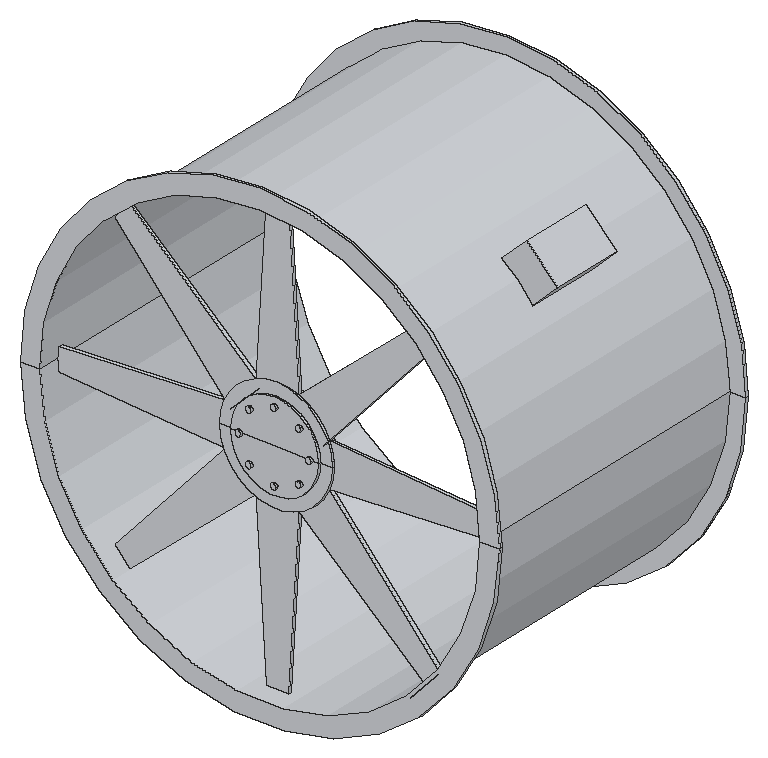
Revit family "CADS_Vent-Axia_MechEquip_Fan_LCA_800_3Ph4P - EXTRACT", category Mechanical Equipment, Revit 2020
Family settings
  Round Connector Dimension = Use Diameter
  Part Type = Normal
  OmniClass Number = 23.75.00.00
  OmniClass Title = Climate Control (HVAC)
  Work Plane-Based = No
  Always vertical = Yes
  Cut with Voids When Loaded = No
  Shared = No
  Room Calculation Point = No
Parameters (values of type "LCA803410")
  nr = NominalDiameter / 2  # 400 mm
  WorkingPressure = 0.0 Pa
  WarrantyStartDate [instance] = "1900-12-31T23:59:59"
  WarrantyPeriod = ""
  WarrantyIdentifier = "N/A"
  WarrantyGuarantorParts = "tech@vent-axia.com"
  WarrantyGuarantorLabor = "tech@vent-axia.com"
  WarrantyGuarantor = "Vent-Axia Limited"
  WarrantyEndDate [instance] = "1900-12-31T23:59:59"
  WarrantyContent = ""
  TemperatureRange = ""
  TagNumber [instance] = "N/A"
  SustainabilityPerformance = ""
  Status = "New"
  Size = ""
  Shape = ""
  ServiceLifeType = ""
  ServiceLifeDuration = ""
  SerialNumber [instance] = "N/A"
  ReplacementCost = ""
  RatedVoltage = 0 V
  RatedCurrent = 0 A
  Quantity = 1
  ProductionYear = ""
  PressureCurve = ""
  PowerFactor = ""
  PointOfContact = ""
  NumberOfPoles = 0
  NominalWidth = 800 mm
  NominalLength = 565 mm
  NominalHeight = 800 mm
  NominalFrequencyRange = ""
  NominalDiameter = 800 mm
  ModelReference = "LCAX 800mm 3PH 4P 10DEG"
  ModelNumber = "LCA803410"
  Material = ""
  ManufacturerE-Mail = "tech@vent-axia.com"
  ManufacturerAddress = "Fleming Way\nCrawley \nRH10 9YX"
  IsExtendedWarranty = no
  InsulationStandardClass = ""
  InstallationDate [instance] = "1900-12-31T23:59:59"
  IfcExportType [instance] = ""
  IfcExportAs = "IfcFanType"
  IP_Code = ""
  HasProtectiveEarth = no
  GrossWeight = 0.00 kg
  Grade = ""
  GlobalTradeItemNumber [instance] = "N/A"
  Fitting Type = "Ignore"
  Finish = ""
  Features = ""
  ExteriorInsulation = no
  ExpectedServiceLife = 0
  Exclusions = ""
  DurationUnit = "Year"
  Default Elevation = 0 mm
  Constituents = ""
  ConductorFunction = ""
  Color = ""
  CodePerformance = ""
  Category = ""
  CADS_Usage = 0
  CADS_Index = 0
  AssetType = "FIXED"
  AssetIdentifier [instance] = "N/A"
  AssemblyPlace = "UNKNOWN"
  ArticleNumber [instance] = "N/A"
  AirflowRateRange = 0.0 L/s
  Air Flow [instance] = 0.0 L/s
  AccessibilityPerformance = ""
Types (16, lengths in mm): name | ModelReference | ModelNumber
  LCA803410 | "LCAX 800mm 3PH 4P 10DEG" | "LCA803410"
  LCA803412 | "LCAX 800mm 3PH 4P 12DEG" | "LCA803412"
  LCA803414 | "LCAX 800mm 3PH 4P 14DEG" | "LCA803414"
  LCA803416 | "LCAX 800mm 3PH 4P 16DEG" | "LCA803416"
  LCA803418 | "LCAX 800mm 3PH 4P 18DEG" | "LCA803418"
  LCA803420 | "LCAX 800mm 3PH 4P 20DEG" | "LCA803420"
  LCA803422 | "LCAX 800mm 3PH 4P 22DEG" | "LCA803422"
  LCA803424 | "LCAX 800mm 3PH 4P 24DEG" | "LCA803424"
  LCA803426 | "LCAX 800mm 3PH 4P 26DEG" | "LCA803426"
  LCA803428 | "LCAX 800mm 3PH 4P 28DEG" | "LCA803428"
  LCA803430 | "LCAX 800mm 3PH 4P 30DEG" | "LCA803430"
  LCA803432 | "LCAX 800mm 3PH 4P 32DEG" | "LCA803432"
  LCA803434 | "LCAX 800mm 3PH 4P 34DEG" | "LCA803434"
  LCA803436 | "LCAX 800mm 3PH 4P 36DEG" | "LCA803436"
  LCA803438 | "LCAX 800mm 3PH 4P 38DEG" | "LCA803438"
  LCA803440 | "LCAX 800mm 3PH 4P 40DEG" | "LCA803440"
Reference planes
  plane 1 "Center (Front/Back)": y = 0
  plane 2: z = 0
  plane 3 "Center (Left/Right)": x = 0
  plane 4: x = -400
  plane 5: x = 400
  plane 6 "F": y = -282.5
  plane 7 "B": y = 282.5
  plane 8: x = -435
  plane 9: y = 277.5
  plane 10: y = -277.5
  plane 11: x = -405
  plane 12: y = -242.5
  plane 13 "top": z = 400
  plane 14: z = -400
  plane 15 "45deg": through (0, -1524, 0) normal (-0.7071, 0, -0.7071)
  plane 16 "C": through (0, -1524, 0) normal (-0.7071, 0, 0.7071)
Forms (mm)
  Revolve 1, solid
    sketch origin (0, 0, 0) x (1, 0, 0) y (0, 1, 0)
      loop
        line (-435, -282.5) -> (-400, -282.5) -> (-400, 282.5) -> (-435, 282.5) -> (-435, 277.5) -> (-405, 277.5) -> (-405, -277.5) -> (-435, -277.5) -> (-435, -282.5)
      axis (0, 282.5) -> (0, -282.5)
    angle from 0 to 360
  Sweep 2, solid
    path origin (0, 0, 0) x (1, 0, 0) y (0, 0, 1)
      loop
        line (282.843, 282.843) -> (328.805, 328.805)
    profile origin (305.824, 0, 305.824) x (-0.707107, 0, 0.707107) y (0, -1, 0)
      loop
        line (37.5, 55) -> (-42.73, 55) -> (-42.73, -79.5) -> (37.5, -79.5) -> (37.5, 55)
Dimensions and locks
  equal spacing: plane 4, plane 3 "Center (Left/Right)", plane 5
  equal spacing: plane 7 "B", plane 1 "Center (Front/Back)", plane 6 "F"
  "NominalLength": plane 7 "B" to plane 6 "F"
  "NominalDiameter": plane 4 to plane 5
  locked: plane 11 to plane 4 at 5
  locked: plane 8 to plane 11 at 30
  locked: plane 6 "F" to plane 10 at 5
  locked: plane 7 "B" to plane 9 at 5
  locked: plane 6 "F" to plane 12 at 40
  equal spacing: plane 13 "top", level, plane 14
  "NominalDiameter": plane 13 "top" to plane 14
  "nr": Sweep 2 sketch curve to nested 13
  Sweep 2 sketch curve to Sweep 2 sketch curve = 65 mm
  aligned and locked: level to plane 2
  aligned and locked: nested 1 to plane 12
Automatic sketch dimensions
  plane 6 "F" to Revolve 1 sketch curve = 0 mm
  Revolve 1 sketch curve to plane 8 = 0 mm  (x2)
  plane 10 to Revolve 1 sketch curve = 0 mm
  Revolve 1 sketch curve to plane 11 = 0 mm
  Revolve 1 sketch curve to plane 4 = 0 mm
  Revolve 1 sketch curve to plane 3 "Center (Left/Right)" = 0 mm
  plane 1 "Center (Front/Back)" to Revolve 1 sketch curve = 0 mm
  Revolve 1 sketch curve to plane 9 = 0 mm
  Revolve 1 sketch curve to plane 7 "B" = 0 mm
  plane 6 "F" to Revolve 1 sketch curve = 115 mm
  plane 1 "Center (Front/Back)" to Sweep 2 sketch curve = 55 mm
  Sweep 2 sketch curve to profile plane = 37.5 mm
  Sweep 2 sketch curve to Sweep 2 sketch curve = 80.23 mm
  Sweep 2 sketch curve to Sweep 2 sketch curve = 134.5 mm
  Sweep 2 sketch curve to plane 16 "C" = 0 mm  (x2)
Nested families
  nested 1: "Fan for ESC" at (0, -242.5, 0), ND <- "NominalDiameter", type "Fan for ESC"
    with hub 80 mm, ND 800 mm, BoltPCD 64 mm, Bolt Count 8, B_Diam 10 mm
  nested 2: "Bolts" at (0, -251.672, -64) x (-1, 0, 0) z (0, 1, 0), type "Bolts"
    with bd 10 mm
  nested 3: "Bolts" at (-45.255, -251.672, -45.255) x (-0.7071, 0, 0.7071) z (0, 1, 0), type "Bolts"
    with bd 10 mm
  nested 4: "Bolts" at (-64, -251.672, 0) x (0, 0, 1) z (0, 1, 0), type "Bolts"
    with bd 10 mm
  nested 5: "Bolts" at (-45.255, -251.672, 45.255) x (0.7071, 0, 0.7071) z (0, 1, 0), type "Bolts"
    with bd 10 mm
  nested 6: "Bolts" at (45.255, -251.672, 45.255) x (0.7071, 0, -0.7071) z (0, 1, 0), type "Bolts"
    with bd 10 mm
  nested 7: "Bolts" at (0, -251.672, 64) x (1, 0, 0) z (0, 1, 0), type "Bolts"
    with bd 10 mm
  nested 8: "ESC Blade" at (0, -242.5, 0), type "ESC Blade"
    with a 20.00°, HR 80 mm, HD 160 mm, BT 40 mm, BR 320 mm, BH 40 mm, BD 800 mm, BB 80 mm
  nested 9: "ESC Blade" at (0, -242.5, 0) x (0.7071, 0, -0.7071) z (0.7071, 0, 0.7071), type "ESC Blade"
    with a 20.00°, HR 80 mm, HD 160 mm, BT 40 mm, BR 320 mm, BH 40 mm, BD 800 mm, BB 80 mm
  nested 10: "ESC Blade" at (0, -242.5, 0) x (0, 0, -1) z (1, 0, 0), type "ESC Blade"
    with a 20.00°, HR 80 mm, HD 160 mm, BT 40 mm, BR 320 mm, BH 40 mm, BD 800 mm, BB 80 mm
  nested 11: "ESC Blade" at (0, -242.5, 0) x (-0.7071, 0, -0.7071) z (0.7071, 0, -0.7071), type "ESC Blade"
    with a 20.00°, HR 80 mm, HD 160 mm, BT 40 mm, BR 320 mm, BH 40 mm, BD 800 mm, BB 80 mm
  nested 12: "ESC Blade" at (0, -242.5, 0) x (-1, 0, 0) z (0, 0, -1), type "ESC Blade"
    with a 20.00°, HR 80 mm, HD 160 mm, BT 40 mm, BR 320 mm, BH 40 mm, BD 800 mm, BB 80 mm
  nested 13: "ESC Blade" at (0, -242.5, 0) x (-0.7071, 0, -0.7071) z (-0.7071, 0, 0.7071), type "ESC Blade"
    with a 20.00°, HR 80 mm, HD 160 mm, BT 40 mm, BR 320 mm, BH 40 mm, BD 800 mm, BB 80 mm
  nested 14: "ESC Blade" at (0, -242.5, 0) x (0, 0, -1) z (-1, 0, 0), type "ESC Blade"
    with a 20.00°, HR 80 mm, HD 160 mm, BT 40 mm, BR 320 mm, BH 40 mm, BD 800 mm, BB 80 mm
  nested 15: "ESC Blade" at (0, -242.5, 0) x (0.7071, 0, -0.7071) z (-0.7071, 0, -0.7071), type "ESC Blade"
    with a 20.00°, HR 80 mm, HD 160 mm, BT 40 mm, BR 320 mm, BH 40 mm, BD 800 mm, BB 80 mm
  nested 16: "Bolts" at (64, -251.672, 0) x (0, 0, -1) z (0, 1, 0), type "Bolts"
    with bd 10 mm
  nested 17: "Bolts" at (45.255, -251.672, -45.255) x (-0.7071, 0, -0.7071) z (0, 1, 0), type "Bolts"
    with bd 10 mm
Connectors
  hvac at (0, -282.5, 0), driven by "NominalDiameter", driven by "Air Flow"
    settings: on Revolve 1, index 1, duct flow 0.0 L/s, flow factor 0, pres drop 0.0 Pa, loss coef 0, conn angle 0.00°, conn width 304.8 mm, conn height 304.8 mm, conn diameter 800 mm, duct sys type 2, conn prof type 0, flow config 0, flow direction 1, loss method 0, conn ref index -1, conn util no, is conn primary yes, conn desc ""
  hvac at (0, 282.5, 0), driven by "NominalDiameter", driven by "Air Flow"
    settings: on Revolve 1, index 2, duct flow 0.0 L/s, flow factor 0, pres drop 0.0 Pa, loss coef 0, conn angle 0.00°, conn width 304.8 mm, conn height 304.8 mm, conn diameter 800 mm, duct sys type 3, conn prof type 0, flow config 1, flow direction 2, loss method 0, conn ref index -1, conn util no, is conn primary no, conn desc ""
Definition of nested family "Fan for ESC"
  Parameters (values of type "Fan for ESC")
    hub [instance] = ND / 10  # 56.7 mm
    ND [instance] = 567 mm
    Model = "."
    Default Elevation = 0 mm
    BoltPCD [instance] = hub - (hub * 0.2)  # 45.36 mm
    Bolt Count [instance] = if(hub < 50 mm, 6, 8)  # 8
    B_Diam [instance] = if(hub < 50 mm, 5 mm, 10 mm)  # 10 mm
  Reference planes
    plane 1 "Center (Front/Back)": y = 0
    plane 2: z = 0
    plane 3 "Center (Left/Right)": x = 0
    plane 4 "back": y = 20
    plane 5 "bolts": y = -9.172
    plane 6 "B": z = 56.7
    plane 7: x = -79.287
    plane 8: x = -56.7
    plane 9 "hubface": y = -6.172
  Forms (mm)
    Revolve 1, solid
      sketch origin (0, 0, 0) x (1, 0, 0) y (0, 1, 0)
        loop
          line (0, 20) -> (-56.7, 20) -> (-56.7, 10.504) -> (-79.287, 10.504) -> (-79.287, -2.597) -> (-56.7, -2.597) -> (-56.7, -6.172) -> (0, -6.172) -> (0, 20)
        axis (0, 20) -> (0, -6.172)
      angle from 0 to 360
    Extrusion 2, solid, not visible
      sketch origin (0, -6.347, -4) x (-1, 0, 0) y (0, 0, 1)
        loop
          circle (0, 84) r 5
      from 0 to 3
  Lines and regions (mm)
    symbolic lines
      curve 1: circle (0, -9.172, 0) r 45.36 normal (0, 1, 0)
    model lines, not visible
      curve 2: line (0, -6.347, 85) -> (0, -6.347, 75)
  Dimensions and locks
    "hub": plane 6 "B" to plane 2
    "hub": nested 3 to plane 3 "Center (Left/Right)"
    "hub": nested 4 to plane 3 "Center (Left/Right)"
    "hub": nested 5 to plane 3 "Center (Left/Right)"
    "hub": plane 3 "Center (Left/Right)" to nested 6
    "hub": Revolve 1 sketch curve to Revolve 1 sketch curve
    "hub": plane 3 "Center (Left/Right)" to nested 7
    "hub": plane 3 "Center (Left/Right)" to nested 8
    "hub": plane 3 "Center (Left/Right)" to nested 9
    "hub": plane 8 to plane 3 "Center (Left/Right)"
    plane 7 to plane 8 = 22.587 mm
    diameter of Extrusion 2 sketch curve = 10 mm
    "BoltPCD": radius of curve 1
    "BoltPCD": radius of radial array
    aligned and locked: level to plane 2
    aligned and locked: plane 6 "B" to nested 1
  Automatic sketch dimensions
    Revolve 1 sketch curve to plane 7 = 0 mm
    Revolve 1 sketch curve to plane 8 = 0 mm  (x2)
    Revolve 1 sketch curve to plane 3 "Center (Left/Right)" = 0 mm
    Revolve 1 sketch curve to plane 9 "hubface" = 0 mm
    plane 4 "back" to Revolve 1 sketch curve = 0 mm
    plane 1 "Center (Front/Back)" to Revolve 1 sketch curve = 2.597 mm
    plane 4 "back" to Revolve 1 sketch curve = 9.496 mm
    Revolve 1 sketch curve to Revolve 1 sketch curve = 5 mm
    Revolve 1 sketch curve to plane 4 "back" = 45 mm
    curve 1 to level = 0 mm
    curve 1 to plane 3 "Center (Left/Right)" = 0 mm
  Nested families
    nested 1: "ESC Blade" at (0, 0, 0), BD <- "ND", HD <- "hub", type "ESC Blade"
      with a 20.00°, HR 56.7 mm, HD 113.4 mm, BT 28.35 mm, BR 226.8 mm, BH 40 mm, BD 567 mm, BB 56.7 mm
    nested 2: "ESC Blade" at (0, 0, 755), BD <- "ND", HD <- "hub", type "ESC Blade", not visible
      with a 20.00°, HR 56.7 mm, HD 113.4 mm, BT 28.35 mm, BR 226.8 mm, BH 40 mm, BD 567 mm, BB 56.7 mm
    nested 3: "ESC Blade" at (0, 0, 0) x (0.7071, 0, -0.7071) z (0.7071, 0, 0.7071), BD <- "ND", HD <- "hub", type "ESC Blade"
      with a 20.00°, HR 56.7 mm, HD 113.4 mm, BT 28.35 mm, BR 226.8 mm, BH 40 mm, BD 567 mm, BB 56.7 mm
    nested 4: "ESC Blade" at (0, 0, 0) x (0, 0, -1) z (1, 0, 0), BD <- "ND", HD <- "hub", type "ESC Blade"
      with a 20.00°, HR 56.7 mm, HD 113.4 mm, BT 28.35 mm, BR 226.8 mm, BH 40 mm, BD 567 mm, BB 56.7 mm
    nested 5: "ESC Blade" at (0, 0, 0) x (-0.7071, 0, -0.7071) z (0.7071, 0, -0.7071), BD <- "ND", HD <- "hub", type "ESC Blade"
      with a 20.00°, HR 56.7 mm, HD 113.4 mm, BT 28.35 mm, BR 226.8 mm, BH 40 mm, BD 567 mm, BB 56.7 mm
    nested 6: "ESC Blade" at (0, 0, 0) x (-1, 0, 0) z (0, 0, -1), BD <- "ND", HD <- "hub", type "ESC Blade"
      with a 20.00°, HR 56.7 mm, HD 113.4 mm, BT 28.35 mm, BR 226.8 mm, BH 40 mm, BD 567 mm, BB 56.7 mm
    nested 7: "ESC Blade" at (0, 0, 0) x (-0.7071, 0, -0.7071) z (-0.7071, 0, 0.7071), BD <- "ND", HD <- "hub", type "ESC Blade"
      with a 20.00°, HR 56.7 mm, HD 113.4 mm, BT 28.35 mm, BR 226.8 mm, BH 40 mm, BD 567 mm, BB 56.7 mm
    nested 8: "ESC Blade" at (0, 0, 0) x (0, 0, -1) z (-1, 0, 0), BD <- "ND", HD <- "hub", type "ESC Blade"
      with a 20.00°, HR 56.7 mm, HD 113.4 mm, BT 28.35 mm, BR 226.8 mm, BH 40 mm, BD 567 mm, BB 56.7 mm
    nested 9: "ESC Blade" at (0, 0, 0) x (0.7071, 0, -0.7071) z (-0.7071, 0, -0.7071), BD <- "ND", HD <- "hub", type "ESC Blade"
      with a 20.00°, HR 56.7 mm, HD 113.4 mm, BT 28.35 mm, BR 226.8 mm, BH 40 mm, BD 567 mm, BB 56.7 mm
    nested 10: "Bolts" at (0, -9.172, 45.36) x (1, 0, 0) z (0, 1, 0), bd <- "B_Diam", type "Bolts"
      with bd 10 mm
    nested 11: "Bolts" at (32.074, -9.172, 32.074) x (0.7071, 0, -0.7071) z (0, 1, 0), bd <- "B_Diam", type "Bolts"
      with bd 10 mm
    nested 12: "Bolts" at (-32.074, -9.172, 32.074) x (0.7071, 0, 0.7071) z (0, 1, 0), bd <- "B_Diam", type "Bolts"
      with bd 10 mm
    nested 13: "Bolts" at (-45.36, -9.172, 0) x (0, 0, 1) z (0, 1, 0), bd <- "B_Diam", type "Bolts"
      with bd 10 mm
    nested 14: "Bolts" at (-32.074, -9.172, -32.074) x (-0.7071, 0, 0.7071) z (0, 1, 0), bd <- "B_Diam", type "Bolts"
      with bd 10 mm
    nested 15: "Bolts" at (0, -9.172, -45.36) x (-1, 0, 0) z (0, 1, 0), bd <- "B_Diam", type "Bolts"
      with bd 10 mm
    nested 16: "Bolts" at (32.074, -9.172, -32.074) x (-0.7071, 0, -0.7071) z (0, 1, 0), bd <- "B_Diam", type "Bolts"
      with bd 10 mm
    nested 17: "Bolts" at (45.36, -9.172, 0) x (0, 0, -1) z (0, 1, 0), bd <- "B_Diam", type "Bolts"
      with bd 10 mm
  Definition of nested family "ESC Blade"
    Parameters (values of type "ESC Blade")
      a [instance] = 20.00°
      HR [instance] = HD / 2  # 30 mm
      HD [instance] = BD / 5  # 60 mm
      Default Elevation = 1219.2 mm
      BT [instance] = BD / 20  # 15 mm
      BR [instance] = (BD / 2) - HR  # 120 mm
      BH [instance] = 40 mm
      BD [instance] = 300 mm
      BB [instance] = BD / 10  # 30 mm
    Reference planes
      plane 1 "Center (Front/Back)": y = 0
      plane 2: z = 0
      plane 3 "Center (Left/Right)": x = 0
      plane 4 "Blade Bot": z = 30
      plane 5: x = -15
      plane 6: x = 15
      plane 7: x = -7.5
      plane 8: x = 7.5
    Forms (mm)
      Blend 1, solid
        base sketch origin (0, 0, 30) x (-1, 0, 0) y (0, -1, 0)
          loop
            line (15, 0) -> (-15, 0) -> (-15, -6) -> (15, -6) -> (15, 0)
        top sketch origin (0, 0, 30) x (-1, 0, 0) y (0, -1, 0)
          loop
            line (7.5, -6) -> (7.5, 0) -> (-7.5, 0) -> (-7.5, -6) -> (7.5, -6)
        from 0 to 120 <- "BR"
    Dimensions and locks
      "HR": plane 4 "Blade Bot" to level
      equal spacing: plane 8, plane 3 "Center (Left/Right)", plane 7
      "BT": plane 8 to plane 7
      equal spacing: plane 6, plane 3 "Center (Left/Right)", plane 5
      "BB": plane 6 to plane 5
      aligned and locked: level to plane 2
    Automatic sketch dimensions
      plane 1 "Center (Front/Back)" to Blend 1 sketch curve = 0 mm  (x2)
      Blend 1 sketch curve to plane 6 = 0 mm
      Blend 1 sketch curve to plane 5 = 0 mm
      Blend 1 sketch curve to plane 1 "Center (Front/Back)" = 6 mm  (x2)
      Blend 1 sketch curve to plane 8 = 0 mm
      Blend 1 sketch curve to plane 7 = 0 mm
  Definition of nested family "Bolts"
    Parameters
      bd [instance] = 10 mm
      Default Elevation = 1219.2 mm
    Reference planes
      plane 1 "Center (Front/Back)": y = 0
      plane 2: z = 0
      plane 3 "Center (Left/Right)": x = 0
    Forms (mm)
      Extrusion 1, solid
        sketch origin (0, 0, 0) x (1, 0, 0) y (0, 1, 0)
          loop
            line (-1219.2, 1219.2) -> (-1219.2, -1219.2) -> (1219.2, -1219.2) -> (1219.2, 1219.2) -> (-1219.2, 1219.2)
        from 0 to -304.8
      Extrusion 2, solid
        sketch origin (0, 0, 0) x (1, 0, 0) y (0, 1, 0)
          loop
            circle (0, 0) r 5
        from 0 to 3
    Dimensions and locks
      "bd": diameter of Extrusion 2 sketch curve
      aligned and locked: plane 2 to Extrusion 1
      aligned and locked: level to Extrusion 1
    Automatic sketch dimensions
      Extrusion 1 sketch curve to Extrusion 1 sketch curve = 2438.4 mm  (x2)
      plane 1 "Center (Front/Back)" to Extrusion 2 sketch curve = 0 mm
      Extrusion 2 sketch curve to plane 3 "Center (Left/Right)" = 0 mm
Definition of nested family "Bolts"
  Parameters
    bd [instance] = 10 mm
    Default Elevation = 1219.2 mm
  Reference planes
    plane 1 "Center (Front/Back)": y = 0
    plane 2: z = 0
    plane 3 "Center (Left/Right)": x = 0
  Forms (mm)
    Extrusion 1, solid
      sketch origin (0, 0, 0) x (1, 0, 0) y (0, 1, 0)
        loop
          line (-1219.2, 1219.2) -> (-1219.2, -1219.2) -> (1219.2, -1219.2) -> (1219.2, 1219.2) -> (-1219.2, 1219.2)
      from 0 to -304.8
    Extrusion 2, solid
      sketch origin (0, 0, 0) x (1, 0, 0) y (0, 1, 0)
        loop
          circle (0, 0) r 5
      from 0 to 3
  Dimensions and locks
    "bd": diameter of Extrusion 2 sketch curve
    aligned and locked: plane 2 to Extrusion 1
    aligned and locked: level to Extrusion 1
  Automatic sketch dimensions
    Extrusion 1 sketch curve to Extrusion 1 sketch curve = 2438.4 mm  (x2)
    plane 1 "Center (Front/Back)" to Extrusion 2 sketch curve = 0 mm
    Extrusion 2 sketch curve to plane 3 "Center (Left/Right)" = 0 mm
Definition of nested family "ESC Blade"
  Parameters (values of type "ESC Blade")
    a [instance] = 20.00°
    HR [instance] = HD / 2  # 30 mm
    HD [instance] = BD / 5  # 60 mm
    Default Elevation = 1219.2 mm
    BT [instance] = BD / 20  # 15 mm
    BR [instance] = (BD / 2) - HR  # 120 mm
    BH [instance] = 40 mm
    BD [instance] = 300 mm
    BB [instance] = BD / 10  # 30 mm
  Reference planes
    plane 1 "Center (Front/Back)": y = 0
    plane 2: z = 0
    plane 3 "Center (Left/Right)": x = 0
    plane 4 "Blade Bot": z = 30
    plane 5: x = -15
    plane 6: x = 15
    plane 7: x = -7.5
    plane 8: x = 7.5
  Forms (mm)
    Blend 1, solid
      base sketch origin (0, 0, 30) x (-1, 0, 0) y (0, -1, 0)
        loop
          line (15, 0) -> (-15, 0) -> (-15, -6) -> (15, -6) -> (15, 0)
      top sketch origin (0, 0, 30) x (-1, 0, 0) y (0, -1, 0)
        loop
          line (7.5, -6) -> (7.5, 0) -> (-7.5, 0) -> (-7.5, -6) -> (7.5, -6)
      from 0 to 120 <- "BR"
  Dimensions and locks
    "HR": plane 4 "Blade Bot" to level
    equal spacing: plane 8, plane 3 "Center (Left/Right)", plane 7
    "BT": plane 8 to plane 7
    equal spacing: plane 6, plane 3 "Center (Left/Right)", plane 5
    "BB": plane 6 to plane 5
    aligned and locked: level to plane 2
  Automatic sketch dimensions
    plane 1 "Center (Front/Back)" to Blend 1 sketch curve = 0 mm  (x2)
    Blend 1 sketch curve to plane 6 = 0 mm
    Blend 1 sketch curve to plane 5 = 0 mm
    Blend 1 sketch curve to plane 1 "Center (Front/Back)" = 6 mm  (x2)
    Blend 1 sketch curve to plane 8 = 0 mm
    Blend 1 sketch curve to plane 7 = 0 mm
